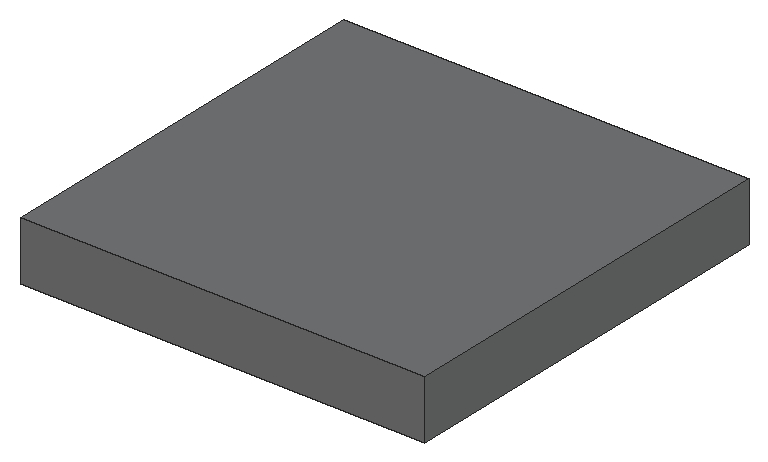
Revit family "Gira_5367600", category Electrical Fixtures, host Face, Revit 2017
Family settings
  Host = Face
  Maintain Annotation Orientation = No
  Round Connector Dimension = Use Diameter
  Part Type = Normal
  Cut with Voids When Loaded = No
  Shared = No
  Room Calculation Point = No
Parameters (values of type "S3000 blind timer + timer BT Gira E22 stainl.steel")
  With LED indication = "No"
  URL = "http://katalog.gira.de/en/datenblatt.html?artikelnr=5367600"
  Transparent = "No"
  Suitable for application with venetian shutter switch = "Yes"
  Suitable for application with switch = "Yes"
  Suitable for application with dimmer = "No"
  Number of actuation points = "4"
  Name = "S3000 blind timer + timer BT Gira E22 stainl.steel"
  Manufacturer URL = "https://www.gira.de/"
  Manufacturer = "Gira"
  Keynote = ""
  HeinzeBIM = "https://bimportal.heinze.de/bim/s3000-blind-timer-timer-bt-gira-e22-stainl-steel/2602c66cacff09c97c8c19e44061b5e90bd0a975"
  HAN = "5367600"
  GTIN = "4010337027553"
  Description = "S3000 blind tim. tim.BT Sys55 SST,System 3000 blind timer and timer BT,,Stainless steel,Features:,- Manual and time-controlled operation of e.g. blinds, shutters, awnings, lighting or fans.,- Operation and programming with mobile end device (smartphone or tablet) via Bluetooth using the Gira Bluetooth app.,- Operation on System 3000 switching, dimming or blind insert or auxiliary insert 3-wire.,Functions on the top unit:,- Operation of hangings and lighting.,- The blocking function blocks operation of the auxiliary unit and deactivates automatic mode.,- Activate deactivate automatic mode.,- The runtime and an individual intermediate position can be saved using the System 3000 blind controller insert.,- Switch-on brightness of lighting can be saved using System 3000 dimming insert or DALI Power control unit.,- Adjustbable night mode. Status LED and function LED are not lit up continuously.,Functions with the Gira Bluetooth app:,- Operation of hangings and lighting with status feedback.,- Display the current hanging position or dimmer setting.,- Programming of up to 40 individual switching times.,- Blind or slat positions or switching and dimming values can be stored for each switching time.,- Switching times can be copied to other devices.,- Switching at sunrise or sunset (astro function).,- Astro time can be optimised by determining the location.,- Astro time shift adjustable.,- Random function.,- Automatic date and time refresh when connecting smartphones or tablets.,- Password protection possible for time programs and configuration (as of app version 2).,- Save a hanging position, hanging runtime, slat reversal time.,- Changeover to inverse operation possible for blind inserts.,- Maximum brightness and minimum brightness adjustable for dimming insert.,- Optional: Sun protection and twilight function are possible with System 3000 brightness and temperature sensor Bluetooth.,,Notes :,- The time is updated upon connection to the Gira Bluetooth app."
  Default Elevation = 1219.2 mm
  Data sheet (1) = "https://katalog.gira.de/en/download.html?artikelnr=5367600"
  Category = "Intelligent control element"
  BIM (1) = "https://media.stage.bim.site/public/gira/36a6b08/Sys55_Abdeckung_Schalten und Tasten.rfa?public/gira/36a6b08/Sys55_Abdeckung_Schalten und Tasten.rfa"
  Available = "No"
  Application = "Control of electrical users"
  Anthrazit [instance] = Anthrazit
Reference planes
  plane 1 "Center (Front/Back)": y = 0
  plane 2: z = 0
  plane 3 "Center (Left/Right)": x = 0
Forms (mm)
  Extrusion 1, solid, material "Anthrazit" <- "Anthrazit", detail levels fine
    sketch origin (0, 0, 0) x (1, 0, 0) y (0, 1, 0)
      loop
        line (-27.5, 27.5) -> (-27.5, -27.5) -> (27.5, -27.5) -> (27.5, 27.5) -> (-27.5, 27.5)
    from 0 to 8
  Extrusion 2, void
    sketch origin (0, 0, 0) x (1, 0, 0) y (0, 1, 0)
      loop
        line (26, 26) -> (-26, 26) -> (-26, -26) -> (26, -26) -> (26, 26)
    from 0 to 6
  Extrusion 3, solid, material "Anthrazit" <- "Anthrazit", detail levels medium
    sketch origin (0, 0, 0) x (1, 0, 0) y (0, 1, 0)
      loop
        line (-27.5, 27.5) -> (-27.5, -27.5) -> (27.5, -27.5) -> (27.5, 27.5) -> (-27.5, 27.5)
    from 0 to 8
  Extrusion 4, solid, material "Anthrazit" <- "Anthrazit", detail levels medium
    sketch origin (0, 0, 0) x (1, 0, 0) y (0, 1, 0)
      loop
        line (11, -17.5) -> (11, 17.5) -> (-11, 17.5) -> (-11, -17.5) -> (11, -17.5)
    from -6 to 6
  Extrusion 5, solid, material "Anthrazit" <- "Anthrazit", detail levels fine
    sketch origin (0, 0, 0) x (1, 0, 0) y (0, 1, 0)
      loop
        line (11, 17.5) -> (-11, 17.5) -> (-11, 16.5) -> (11, 16.5) -> (11, 17.5)
      loop
        line (-11, -16.5) -> (-11, -17.5) -> (11, -17.5) -> (11, -16.5) -> (-11, -16.5)
    from -4 to 6
  Extrusion 6, solid, material "Anthrazit" <- "Anthrazit", detail levels fine
    sketch origin (0, 0, 0) x (1, 0, 0) y (0, 1, 0)
      loop
        arc (5, 9.347) -> (0, 10.6) -> (-5, 9.347) r 10.6
        line (-5, 9.347) -> (-5, -9.347)
        arc (-5, -9.347) -> (0, -10.6) -> (5, -9.347) r 10.6
        line (5, -9.347) -> (5, 9.347)
    from -6 to 6
  Extrusion 7, solid, material "Anthrazit" <- "Anthrazit", detail levels coarse
    sketch origin (0, 0, 0) x (1, 0, 0) y (0, 1, 0)
      loop
        line (-27.5, 27.5) -> (-27.5, -27.5) -> (27.5, -27.5) -> (27.5, 27.5) -> (-27.5, 27.5)
    from -6 to 8
Cuts and joins
  Extrusion 2 cuts Extrusion 1
Dimensions and locks
  aligned and locked: plane 2 to host face
  aligned and locked: level to host face
